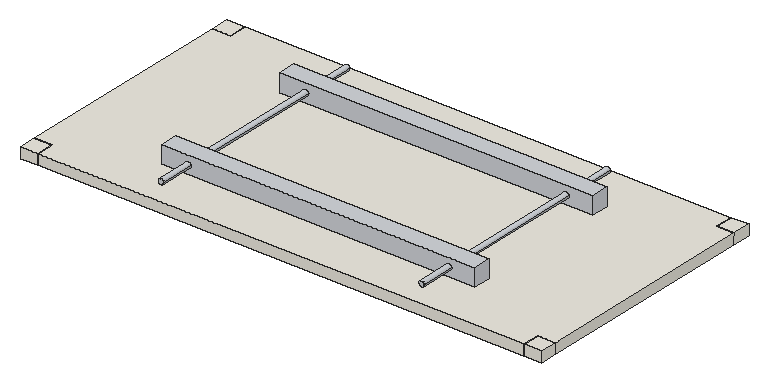
Revit family "LED-PL-CSVT", category Осветительные приборы, Revit 2019 (continued)
Types (9, lengths in mm): name | built-in parameter 1150134 | Файл фотометрической сетки | built-in parameter 1150105 | Lumens | built-in parameter 1150106 | built-in parameter 1150142 | Wattage | built-in parameter 1150107 | Emit from Rectangle Width | Emit from Rectangle Length | Длина | Ширина | L1 | L | ADSK_Ток | ADSK_Полная мощность | ADSK_Обозначение | ADSK_Номинальная мощность | ADSK_Наименование | ADSK_Масса | ADSK_Код изделия
  LED PL-CSVT-36 595x595 х10 (KROKUS) (IP54/IP20, 4000K, белый) c БАП на 3 часа | 12 | "Светильник LED-PL-CSVT-36-(595х595).IES" | 286.48 (stored number, unit not read) | 3600 lm | 2.8648 (stored number, unit not read) | "IESNA:LM-63-95\r\n[TEST] Протокол № 50-12 \r\n[DATA] 20.06.2016\r\n[MORE] \r\n[MANUFAC] ЗАО \"Центрстройсвет\"\r\n[LUMCAT]  Светильник ALUMOGIPS-38/OPAL-SAND-(610x610)\r\n[LUMINAIRE]\r\n[LAMPCAT] Светодиоды\r\n[LAMP] Поток источника света (светодиодов) не известен\r\n[MORE] КСС приведена в абсолютных величинах кд\r\n[MORE] Вместо потока лампы, указан поток светильника.\r\nTILT=NONE\r\n1    3750 1.0 37 73 1 2 0.61 0.61 0.04\r\n1.0 1.0 38.7\r\n0.0 5.0 10.0 15.0 20.0 25.0 30.0 35.0 40.0 45.0 50.0 55.0 60.0 65.0 70.0 75.0 80.0 85.0 90.0 95.0 100.0 105.0 110.0 115.0 120.0 125.0 130.0 135.0 140.0 145.0 150.0 155.0 160.0 165.0 170.0 175.0 180.0\r\n0.0 5.0 10.0 15.0 20.0 25.0 30.0 35.0 40.0 45.0 50.0 55.0 60.0 65.0 70.0 75.0 80.0 85.0 90.0 95.0 100.0 105.0 110.0 115.0 120.0 125.0 130.0 135.0 140.0 145.0 150.0 155.0 160.0 165.0 170.0 175.0 180.0 185.0 190.0 195.0 200.0 205.0 210.0 215.0 220.0 225.0 230.0 235.0 240.0 245.0 250.0 255.0 260.0 265.0 270.0 275.0 280.0 285.0 290.0 295.0 300.0 305.0 310.0 315.0 320.0 325.0 330.0 335.0 340.0 345.0 350.0 355.0 360.0\r\n1391.4 1390.6 1365.7 1330.6 1277.5 1214.9 1147.5 1059.6 967.6 873.2 772.4 664.9 556.3 449.1 342.7 240.6 147.1 64.2 4.7 0.0 0.0 0.0 0.0 0.0 0.0 0.0 0.0 0.0 0.0 0.0 0.0 0.0 0.0 0.0 0.0 0.0 0.0\r\n1391.4 1390.5 1367.8 1332.7 1284.3 1221.3 1147.0 1062.1 969.2 872.4 773.2 666.3 557.1 450.1 343.8 241.9 146.9 64.7 5.2 0.0 0.0 0.0 0.0 0.0 0.0 0.0 0.0 0.0 0.0 0.0 0.0 0.0 0.0 0.0 0.0 0.0 0.0\r\n1391.4 1390.2 1372.0 1333.3 1277.3 1216.8 1144.5 1057.4 969.6 875.1 773.8 669.5 560.0 454.6 345.8 242.4 148.5 65.8 5.4 0.0 0.0 0.0 0.0 0.0 0.0 0.0 0.0 0.0 0.0 0.0 0.0 0.0 0.0 0.0 0.0 0.0 0.0\r\n1391.4 1389.8 1371.2 1330.7 1279.5 1220.5 1148.3 1059.9 967.7 873.2 767.5 666.8 561.4 453.0 347.1 243.7 149.9 65.6 5.8 0.0 0.0 0.0 0.0 0.0 0.0 0.0 0.0 0.0 0.0 0.0 0.0 0.0 0.0 0.0 0.0 0.0 0.0\r\n1391.4 1389.8 1368.3 1329.3 1285.0 1214.6 1141.1 1058.7 971.8 871.3 775.2 666.9 559.4 452.6 345.8 242.5 150.0 65.8 6.1 0.0 0.0 0.0 0.0 0.0 0.0 0.0 0.0 0.0 0.0 0.0 0.0 0.0 0.0 0.0 0.0 0.0 0.0\r\n1391.4 1390.5 1367.3 1332.3 1281.7 1219.0 1142.8 1064.6 970.5 874.4 772.1 667.5 560.2 453.0 346.2 241.8 149.4 65.7 5.6 0.0 0.0 0.0 0.0 0.0 0.0 0.0 0.0 0.0 0.0 0.0 0.0 0.0 0.0 0.0 0.0 0.0 0.0\r\n1391.4 1391.4 1368.1 1333.5 1277.3 1215.7 1139.0 1059.6 968.1 872.4 771.6 667.4 558.8 453.3 344.3 243.9 148.4 65.7 5.4 0.0 0.0 0.0 0.0 0.0 0.0 0.0 0.0 0.0 0.0 0.0 0.0 0.0 0.0 0.0 0.0 0.0 0.0\r\n1391.4 1391.7 1368.1 1330.4 1278.2 1213.9 1142.4 1061.6 967.4 875.1 772.0 669.3 561.1 452.5 345.2 242.1 148.3 65.4 5.5 0.0 0.0 0.0 0.0 0.0 0.0 0.0 0.0 0.0 0.0 0.0 0.0 0.0 0.0 0.0 0.0 0.0 0.0\r\n1391.4 1391.5 1371.0 1328.4 1278.5 1216.7 1142.1 1061.2 971.8 874.7 772.1 668.9 560.8 452.9 345.4 243.3 147.7 66.0 5.4 0.0 0.0 0.0 0.0 0.0 0.0 0.0 0.0 0.0 0.0 0.0 0.0 0.0 0.0 0.0 0.0 0.0 0.0\r\n1391.4 1391.5 1373.2 1330.5 1277.3 1215.5 1143.2 1063.6 967.0 872.7 772.2 669.4 558.9 453.2 346.6 241.9 148.1 65.2 5.5 0.0 0.0 0.0 0.0 0.0 0.0 0.0 0.0 0.0 0.0 0.0 0.0 0.0 0.0 0.0 0.0 0.0 0.0\r\n1391.4 1391.4 1369.7 1328.3 1281.3 1216.0 1139.8 1057.9 968.7 875.3 773.9 667.6 561.8 454.0 344.0 243.1 147.2 65.6 5.5 0.0 0.0 0.0 0.0 0.0 0.0 0.0 0.0 0.0 0.0 0.0 0.0 0.0 0.0 0.0 0.0 0.0 0.0\r\n1391.4 1390.5 1367.9 1330.1 1278.1 1218.1 1138.9 1061.0 970.0 871.8 770.4 669.3 560.2 453.4 346.9 242.1 148.3 65.2 5.2 0.0 0.0 0.0 0.0 0.0 0.0 0.0 0.0 0.0 0.0 0.0 0.0 0.0 0.0 0.0 0.0 0.0 0.0\r\n1391.4 1389.3 1368.2 1329.1 1280.8 1214.4 1142.5 1059.2 967.2 874.3 772.4 668.0 563.1 452.3 345.7 242.8 146.8 64.9 5.1 0.0 0.0 0.0 0.0 0.0 0.0 0.0 0.0 0.0 0.0 0.0 0.0 0.0 0.0 0.0 0.0 0.0 0.0\r\n1391.4 1388.6 1367.4 1327.8 1278.0 1215.7 1141.0 1061.0 971.5 877.3 771.2 667.3 561.5 453.0 346.4 242.4 146.3 64.8 5.2 0.0 0.0 0.0 0.0 0.0 0.0 0.0 0.0 0.0 0.0 0.0 0.0 0.0 0.0 0.0 0.0 0.0 0.0\r\n1391.4 1388.0 1367.6 1326.7 1278.3 1218.0 1140.9 1061.5 968.4 873.4 770.1 666.6 562.1 454.6 344.8 241.8 146.4 64.0 5.5 0.0 0.0 0.0 0.0 0.0 0.0 0.0 0.0 0.0 0.0 0.0 0.0 0.0 0.0 0.0 0.0 0.0 0.0\r\n1391.4 1387.2 1366.1 1331.0 1281.4 1216.3 1142.7 1059.1 969.4 871.5 772.2 667.3 560.5 453.0 344.4 242.2 146.4 63.8 5.6 0.0 0.0 0.0 0.0 0.0 0.0 0.0 0.0 0.0 0.0 0.0 0.0 0.0 0.0 0.0 0.0 0.0 0.0\r\n1391.4 1387.1 1366.3 1328.7 1276.9 1214.5 1141.2 1059.3 968.4 874.3 775.5 668.3 562.5 454.9 346.4 241.3 146.2 63.5 5.7 0.0 0.0 0.0 0.0 0.0 0.0 0.0 0.0 0.0 0.0 0.0 0.0 0.0 0.0 0.0 0.0 0.0 0.0\r\n1391.4 1388.4 1366.0 1329.7 1279.2 1217.9 1140.0 1060.5 969.0 873.9 772.0 671.3 560.4 453.2 343.7 241.7 145.8 63.7 5.4 0.0 0.0 0.0 0.0 0.0 0.0 0.0 0.0 0.0 0.0 0.0 0.0 0.0 0.0 0.0 0.0 0.0 0.0\r\n1391.4 1389.6 1367.7 1329.3 1277.2 1211.1 1140.1 1061.0 971.0 871.2 769.2 669.1 561.5 453.1 343.3 241.9 145.8 63.4 5.2 0.0 0.0 0.0 0.0 0.0 0.0 0.0 0.0 0.0 0.0 0.0 0.0 0.0 0.0 0.0 0.0 0.0 0.0\r\n1391.4 1388.8 1366.9 1327.1 1279.4 1214.2 1142.5 1056.4 970.7 870.3 771.0 665.1 560.4 453.3 343.8 241.1 145.7 63.4 5.2 0.0 0.0 0.0 0.0 0.0 0.0 0.0 0.0 0.0 0.0 0.0 0.0 0.0 0.0 0.0 0.0 0.0 0.0\r\n1391.4 1387.2 1365.8 1328.9 1276.6 1210.2 1141.4 1059.3 966.6 871.4 770.5 667.4 559.2 451.4 344.2 241.0 145.6 63.2 5.1 0.0 0.0 0.0 0.0 0.0 0.0 0.0 0.0 0.0 0.0 0.0 0.0 0.0 0.0 0.0 0.0 0.0 0.0\r\n1391.4 1386.8 1364.4 1329.8 1279.4 1213.7 1144.0 1059.0 965.3 873.7 768.8 668.9 559.4 449.5 342.6 241.5 144.6 63.4 5.0 0.0 0.0 0.0 0.0 0.0 0.0 0.0 0.0 0.0 0.0 0.0 0.0 0.0 0.0 0.0 0.0 0.0 0.0\r\n1391.4 1388.1 1365.8 1328.1 1273.8 1213.4 1137.9 1059.2 967.3 869.2 769.3 667.7 558.4 451.4 344.0 240.6 145.7 63.4 4.9 0.0 0.0 0.0 0.0 0.0 0.0 0.0 0.0 0.0 0.0 0.0 0.0 0.0 0.0 0.0 0.0 0.0 0.0\r\n1391.4 1389.2 1364.4 1323.2 1276.3 1213.8 1137.6 1055.3 963.1 871.0 767.7 664.1 559.7 447.1 342.4 240.1 145.2 63.9 5.1 0.0 0.0 0.0 0.0 0.0 0.0 0.0 0.0 0.0 0.0 0.0 0.0 0.0 0.0 0.0 0.0 0.0 0.0\r\n1391.4 1388.4 1362.3 1326.8 1274.4 1212.2 1137.9 1054.7 966.7 867.9 768.7 663.4 557.3 449.2 343.3 240.0 145.7 63.6 5.0 0.0 0.0 0.0 0.0 0.0 0.0 0.0 0.0 0.0 0.0 0.0 0.0 0.0 0.0 0.0 0.0 0.0 0.0\r\n1391.4 1386.2 1361.8 1326.5 1273.3 1211.2 1134.5 1048.6 964.3 866.3 767.8 662.9 556.7 449.5 341.9 239.8 145.7 63.7 5.0 0.0 0.0 0.0 0.0 0.0 0.0 0.0 0.0 0.0 0.0 0.0 0.0 0.0 0.0 0.0 0.0 0.0 0.0\r\n1391.4 1384.4 1363.5 1324.4 1272.0 1209.5 1137.2 1053.0 960.2 867.5 767.9 662.7 556.7 449.2 342.5 239.1 146.2 63.8 4.8 0.0 0.0 0.0 0.0 0.0 0.0 0.0 0.0 0.0 0.0 0.0 0.0 0.0 0.0 0.0 0.0 0.0 0.0\r\n1391.4 1383.7 1362.4 1324.4 1274.0 1209.5 1134.4 1050.1 965.4 864.9 764.6 662.3 556.6 447.9 340.5 240.3 145.5 64.6 4.6 0.0 0.0 0.0 0.0 0.0 0.0 0.0 0.0 0.0 0.0 0.0 0.0 0.0 0.0 0.0 0.0 0.0 0.0\r\n1391.4 1384.4 1361.9 1326.9 1270.2 1207.3 1132.7 1050.1 959.7 867.7 763.1 662.2 555.0 447.3 343.0 238.3 145.8 63.9 4.7 0.0 0.0 0.0 0.0 0.0 0.0 0.0 0.0 0.0 0.0 0.0 0.0 0.0 0.0 0.0 0.0 0.0 0.0\r\n1391.4 1385.1 1363.0 1320.0 1270.4 1207.9 1134.4 1055.0 963.5 867.3 766.7 660.7 555.9 450.1 342.6 240.2 145.9 64.3 4.9 0.0 0.0 0.0 0.0 0.0 0.0 0.0 0.0 0.0 0.0 0.0 0.0 0.0 0.0 0.0 0.0 0.0 0.0\r\n1391.4 1384.9 1362.3 1321.4 1273.1 1208.0 1135.4 1052.3 961.9 865.0 764.0 660.8 553.5 447.6 341.2 240.3 146.1 63.8 4.8 0.0 0.0 0.0 0.0 0.0 0.0 0.0 0.0 0.0 0.0 0.0 0.0 0.0 0.0 0.0 0.0 0.0 0.0\r\n1391.4 1383.8 1361.2 1322.1 1265.1 1211.5 1132.8 1049.3 961.3 863.4 764.0 661.0 550.7 447.9 341.0 240.1 146.2 63.8 4.6 0.0 0.0 0.0 0.0 0.0 0.0 0.0 0.0 0.0 0.0 0.0 0.0 0.0 0.0 0.0 0.0 0.0 0.0\r\n1391.4 1382.8 1359.3 1321.5 1269.3 1206.8 1132.8 1051.1 958.3 863.2 763.1 662.7 553.4 448.0 340.4 240.0 145.8 63.8 4.0 0.0 0.0 0.0 0.0 0.0 0.0 0.0 0.0 0.0 0.0 0.0 0.0 0.0 0.0 0.0 0.0 0.0 0.0\r\n1391.4 1382.6 1359.0 1319.6 1268.1 1204.3 1129.8 1049.0 957.7 861.8 761.7 658.4 554.2 446.1 340.4 239.0 145.6 63.8 3.8 0.0 0.0 0.0 0.0 0.0 0.0 0.0 0.0 0.0 0.0 0.0 0.0 0.0 0.0 0.0 0.0 0.0 0.0\r\n1391.4 1382.8 1358.5 1315.8 1266.5 1202.1 1128.5 1049.2 957.6 860.0 762.1 658.2 549.9 443.8 339.6 238.4 145.7 63.6 3.7 0.0 0.0 0.0 0.0 0.0 0.0 0.0 0.0 0.0 0.0 0.0 0.0 0.0 0.0 0.0 0.0 0.0 0.0\r\n1391.4 1382.2 1360.5 1319.2 1265.9 1204.5 1129.9 1046.9 955.0 862.9 758.9 657.9 552.5 444.9 338.9 238.8 145.3 63.6 3.3 0.0 0.0 0.0 0.0 0.0 0.0 0.0 0.0 0.0 0.0 0.0 0.0 0.0 0.0 0.0 0.0 0.0 0.0\r\n1391.4 1381.1 1361.2 1321.0 1268.1 1203.8 1128.8 1047.4 955.6 863.7 761.1 656.4 551.5 445.2 339.2 238.5 144.7 62.5 3.5 0.0 0.0 0.0 0.0 0.0 0.0 0.0 0.0 0.0 0.0 0.0 0.0 0.0 0.0 0.0 0.0 0.0 0.0\r\n1391.4 1380.6 1359.0 1316.4 1268.5 1204.0 1126.1 1049.5 956.2 859.6 759.7 656.5 549.2 444.3 338.4 236.1 143.8 61.6 3.2 0.0 0.0 0.0 0.0 0.0 0.0 0.0 0.0 0.0 0.0 0.0 0.0 0.0 0.0 0.0 0.0 0.0 0.0\r\n1391.4 1380.7 1356.6 1316.0 1267.0 1205.6 1130.3 1044.8 956.9 856.7 759.3 653.5 548.1 441.9 335.3 235.4 141.4 60.3 2.9 0.0 0.0 0.0 0.0 0.0 0.0 0.0 0.0 0.0 0.0 0.0 0.0 0.0 0.0 0.0 0.0 0.0 0.0\r\n1391.4 1380.4 1354.4 1317.9 1268.8 1199.0 1129.0 1044.0 956.9 860.6 758.3 656.9 549.1 442.0 334.4 236.1 141.7 60.5 2.6 0.0 0.0 0.0 0.0 0.0 0.0 0.0 0.0 0.0 0.0 0.0 0.0 0.0 0.0 0.0 0.0 0.0 0.0\r\n1391.4 1380.1 1356.7 1322.1 1264.6 1201.7 1129.9 1047.4 957.2 859.7 758.2 656.1 549.4 442.8 335.3 235.8 141.3 60.6 2.3 0.0 0.0 0.0 0.0 0.0 0.0 0.0 0.0 0.0 0.0 0.0 0.0 0.0 0.0 0.0 0.0 0.0 0.0\r\n1391.4 1379.9 1357.3 1317.5 1265.9 1207.8 1129.2 1046.5 955.7 860.2 758.6 656.9 550.7 441.9 335.4 233.9 140.6 60.2 2.4 0.0 0.0 0.0 0.0 0.0 0.0 0.0 0.0 0.0 0.0 0.0 0.0 0.0 0.0 0.0 0.0 0.0 0.0\r\n1391.4 1379.2 1355.5 1314.6 1269.3 1203.7 1133.5 1044.8 957.2 857.9 762.0 656.6 548.7 440.4 335.9 234.5 140.4 59.8 2.8 0.0 0.0 0.0 0.0 0.0 0.0 0.0 0.0 0.0 0.0 0.0 0.0 0.0 0.0 0.0 0.0 0.0 0.0\r\n1391.4 1377.9 1357.1 1319.2 1271.9 1204.4 1128.6 1050.2 953.1 856.9 757.6 653.7 548.9 439.9 335.4 232.4 140.5 59.2 3.0 0.0 0.0 0.0 0.0 0.0 0.0 0.0 0.0 0.0 0.0 0.0 0.0 0.0 0.0 0.0 0.0 0.0 0.0\r\n1391.4 1377.2 1356.3 1322.9 1266.0 1204.8 1132.2 1049.0 958.1 859.3 759.0 654.6 547.0 441.6 334.9 232.1 139.3 58.8 2.9 0.0 0.0 0.0 0.0 0.0 0.0 0.0 0.0 0.0 0.0 0.0 0.0 0.0 0.0 0.0 0.0 0.0 0.0\r\n1391.4 1377.8 1353.8 1319.7 1269.6 1207.9 1135.8 1049.5 955.8 858.0 762.4 655.9 548.2 441.6 335.6 231.7 139.4 58.8 2.8 0.0 0.0 0.0 0.0 0.0 0.0 0.0 0.0 0.0 0.0 0.0 0.0 0.0 0.0 0.0 0.0 0.0 0.0\r\n1391.4 1378.5 1355.2 1319.8 1267.3 1206.5 1131.2 1046.1 954.6 861.2 756.6 653.8 548.1 440.3 335.0 232.6 138.6 59.0 2.9 0.0 0.0 0.0 0.0 0.0 0.0 0.0 0.0 0.0 0.0 0.0 0.0 0.0 0.0 0.0 0.0 0.0 0.0\r\n1391.4 1378.6 1355.1 1318.3 1269.7 1200.8 1133.1 1049.0 957.6 862.5 762.4 656.9 549.3 443.5 334.7 231.2 138.8 58.1 3.0 0.0 0.0 0.0 0.0 0.0 0.0 0.0 0.0 0.0 0.0 0.0 0.0 0.0 0.0 0.0 0.0 0.0 0.0\r\n1391.4 1378.8 1355.8 1321.7 1268.8 1210.0 1129.0 1048.5 958.8 862.4 762.2 656.4 549.0 441.1 335.4 231.5 138.5 58.1 3.0 0.0 0.0 0.0 0.0 0.0 0.0 0.0 0.0 0.0 0.0 0.0 0.0 0.0 0.0 0.0 0.0 0.0 0.0\r\n1391.4 1379.6 1357.6 1321.7 1269.0 1207.1 1133.9 1047.0 964.1 863.3 761.9 656.4 551.5 440.7 334.9 232.2 137.6 58.1 2.8 0.0 0.0 0.0 0.0 0.0 0.0 0.0 0.0 0.0 0.0 0.0 0.0 0.0 0.0 0.0 0.0 0.0 0.0\r\n1391.4 1380.6 1357.7 1319.2 1272.0 1207.5 1131.3 1054.6 959.0 863.3 764.8 655.9 549.1 443.0 335.1 231.3 138.0 58.1 2.7 0.0 0.0 0.0 0.0 0.0 0.0 0.0 0.0 0.0 0.0 0.0 0.0 0.0 0.0 0.0 0.0 0.0 0.0\r\n1391.4 1381.5 1358.5 1321.9 1271.0 1204.1 1135.9 1055.8 962.5 865.5 761.1 656.9 550.6 442.0 335.3 231.9 137.4 57.9 2.6 0.0 0.0 0.0 0.0 0.0 0.0 0.0 0.0 0.0 0.0 0.0 0.0 0.0 0.0 0.0 0.0 0.0 0.0\r\n1391.4 1381.3 1358.5 1322.3 1270.8 1207.2 1133.7 1051.9 958.0 867.3 767.5 657.0 552.1 442.3 333.6 231.2 137.9 57.8 2.6 0.0 0.0 0.0 0.0 0.0 0.0 0.0 0.0 0.0 0.0 0.0 0.0 0.0 0.0 0.0 0.0 0.0 0.0\r\n1391.4 1380.6 1359.4 1319.7 1270.6 1209.0 1133.0 1052.1 963.9 867.5 764.1 660.0 554.0 443.3 334.8 231.7 137.6 57.8 2.7 0.0 0.0 0.0 0.0 0.0 0.0 0.0 0.0 0.0 0.0 0.0 0.0 0.0 0.0 0.0 0.0 0.0 0.0\r\n1391.4 1381.3 1359.9 1321.3 1270.6 1204.8 1135.0 1051.3 962.1 865.5 761.7 660.3 553.1 443.5 334.1 231.9 137.9 57.8 2.8 0.0 0.0 0.0 0.0 0.0 0.0 0.0 0.0 0.0 0.0 0.0 0.0 0.0 0.0 0.0 0.0 0.0 0.0\r\n1391.4 1383.1 1362.1 1324.8 1273.8 1208.7 1134.8 1055.9 961.8 866.4 762.3 659.7 552.4 443.7 334.4 232.8 138.0 58.0 2.8 0.0 0.0 0.0 0.0 0.0 0.0 0.0 0.0 0.0 0.0 0.0 0.0 0.0 0.0 0.0 0.0 0.0 0.0\r\n1391.4 1384.6 1360.4 1321.7 1272.0 1210.6 1130.9 1052.5 963.1 866.7 767.4 659.3 553.7 444.6 335.4 233.1 138.3 58.0 2.8 0.0 0.0 0.0 0.0 0.0 0.0 0.0 0.0 0.0 0.0 0.0 0.0 0.0 0.0 0.0 0.0 0.0 0.0\r\n1391.4 1385.6 1357.5 1324.7 1273.9 1211.6 1134.3 1052.7 963.6 865.4 763.1 658.7 552.2 444.9 336.9 232.8 138.8 58.6 2.9 0.0 0.0 0.0 0.0 0.0 0.0 0.0 0.0 0.0 0.0 0.0 0.0 0.0 0.0 0.0 0.0 0.0 0.0\r\n1391.4 1386.4 1357.8 1323.4 1273.2 1212.2 1136.3 1054.7 967.5 867.5 764.0 659.4 553.3 443.7 336.8 233.2 138.9 58.5 3.1 0.0 0.0 0.0 0.0 0.0 0.0 0.0 0.0 0.0 0.0 0.0 0.0 0.0 0.0 0.0 0.0 0.0 0.0\r\n1391.4 1386.6 1362.0 1324.9 1273.2 1211.3 1139.0 1049.9 960.3 866.4 768.0 661.3 552.2 443.4 336.3 233.4 139.8 58.9 3.1 0.0 0.0 0.0 0.0 0.0 0.0 0.0 0.0 0.0 0.0 0.0 0.0 0.0 0.0 0.0 0.0 0.0 0.0\r\n1391.4 1386.0 1360.5 1326.0 1271.8 1212.0 1137.2 1059.3 963.5 867.6 766.9 661.2 552.3 445.8 337.8 233.6 141.0 59.2 3.3 0.0 0.0 0.0 0.0 0.0 0.0 0.0 0.0 0.0 0.0 0.0 0.0 0.0 0.0 0.0 0.0 0.0 0.0\r\n1391.4 1385.0 1362.3 1325.1 1272.0 1207.1 1138.5 1053.6 964.5 865.8 766.5 661.6 554.3 445.9 337.0 234.5 140.4 60.2 3.5 0.0 0.0 0.0 0.0 0.0 0.0 0.0 0.0 0.0 0.0 0.0 0.0 0.0 0.0 0.0 0.0 0.0 0.0\r\n1391.4 1384.4 1361.8 1323.6 1274.0 1214.8 1138.9 1053.9 968.0 867.9 769.0 663.8 555.6 446.7 339.6 235.0 141.3 60.4 3.4 0.0 0.0 0.0 0.0 0.0 0.0 0.0 0.0 0.0 0.0 0.0 0.0 0.0 0.0 0.0 0.0 0.0 0.0\r\n1391.4 1385.0 1360.9 1322.2 1272.4 1209.8 1137.2 1055.7 962.7 869.7 769.6 658.2 556.6 447.4 338.5 236.2 142.5 60.7 3.4 0.0 0.0 0.0 0.0 0.0 0.0 0.0 0.0 0.0 0.0 0.0 0.0 0.0 0.0 0.0 0.0 0.0 0.0\r\n1391.4 1386.6 1363.1 1323.6 1272.5 1211.5 1139.2 1058.4 969.9 868.0 768.8 664.6 556.3 445.8 342.1 236.1 142.3 61.2 3.5 0.0 0.0 0.0 0.0 0.0 0.0 0.0 0.0 0.0 0.0 0.0 0.0 0.0 0.0 0.0 0.0 0.0 0.0\r\n1391.4 1388.6 1360.9 1330.2 1273.7 1213.2 1138.7 1058.3 966.2 867.0 766.8 663.4 553.3 447.1 339.2 238.7 143.0 61.4 3.8 0.0 0.0 0.0 0.0 0.0 0.0 0.0 0.0 0.0 0.0 0.0 0.0 0.0 0.0 0.0 0.0 0.0 0.0\r\n1391.4 1389.8 1360.8 1328.4 1276.8 1216.0 1140.1 1055.8 963.1 870.3 768.4 663.1 554.0 449.1 340.1 237.3 144.8 61.7 3.8 0.0 0.0 0.0 0.0 0.0 0.0 0.0 0.0 0.0 0.0 0.0 0.0 0.0 0.0 0.0 0.0 0.0 0.0\r\n1391.4 1389.3 1362.5 1325.9 1278.0 1210.4 1138.2 1054.7 967.8 872.7 770.2 661.9 556.5 446.9 341.3 237.7 144.4 62.5 3.9 0.0 0.0 0.0 0.0 0.0 0.0 0.0 0.0 0.0 0.0 0.0 0.0 0.0 0.0 0.0 0.0 0.0 0.0\r\n1391.4 1387.8 1365.8 1326.6 1274.3 1213.2 1141.4 1053.1 966.2 871.2 768.4 663.7 555.0 447.1 341.3 238.2 144.3 62.7 4.1 0.0 0.0 0.0 0.0 0.0 0.0 0.0 0.0 0.0 0.0 0.0 0.0 0.0 0.0 0.0 0.0 0.0 0.0\r\n1391.4 1387.2 1364.2 1328.3 1274.8 1209.4 1145.0 1060.0 963.9 867.5 766.5 663.4 556.7 448.2 340.9 240.3 144.7 63.3 4.0 0.0 0.0 0.0 0.0 0.0 0.0 0.0 0.0 0.0 0.0 0.0 0.0 0.0 0.0 0.0 0.0 0.0 0.0\r\n1391.4 1388.4 1364.9 1332.6 1279.0 1215.6 1140.9 1056.3 969.3 867.1 770.0 663.8 559.0 449.0 342.4 240.3 145.7 63.3 4.7 0.0 0.0 0.0 0.0 0.0 0.0 0.0 0.0 0.0 0.0 0.0 0.0 0.0 0.0 0.0 0.0 0.0 0.0\r\n1391.4 1390.0 1364.5 1329.3 1281.4 1217.7 1141.3 1063.3 970.3 871.1 768.8 663.5 555.2 449.3 342.4 239.8 146.6 63.3 4.9 0.0 0.0 0.0 0.0 0.0 0.0 0.0 0.0 0.0 0.0 0.0 0.0 0.0 0.0 0.0 0.0 0.0 0.0\r\n1391.4 1390.6 1365.7 1330.6 1277.5 1214.9 1147.5 1059.6 967.6 873.2 772.4 664.9 556.3 449.1 342.7 240.6 147.1 64.2 4.7 0.0 0.0 0.0 0.0 0.0 0.0 0.0 0.0 0.0 0.0 0.0 0.0 0.0 0.0 0.0 0.0 0.0 0.0\r\n" | 24.2356 W | 4000 (stored number, unit not read) | 555 | 555 | 595 | 595 | 297.5 | 297.5 | 0.170132 A | 39.1304 VA | "LED PL-CSVT-36 595x595 х10 (KROKUS) (IP54/IP20, 4000K, белый)" | 36 W | "Ультратонкая светодиодная панель LED PL-CSVT-36 595x595 х10
     (KROKUS) (IP54/IP20, 4000K, белый) c БАП на 3 часа" | 3.2 | "ЦБ000007519"
